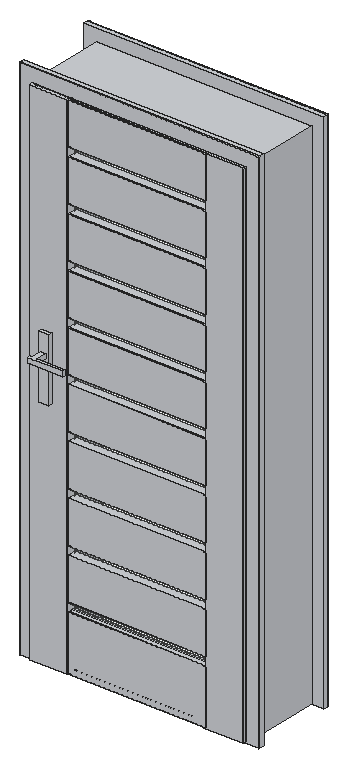
Revit family "porta_koncept_A9_osc_ps", category Drzwi, Revit 2016
Family settings
  Obiekt nadrzędny = Ściana
  Zawsze pionowo = Tak
  Tnij formami wycięć po wczytaniu = Nie
  Współdzielony = Nie
  Punkt obliczania pomieszczeń = Nie
Parameters (values of type "PN 80")
  Zakres szerokości muru [instance] = if(and(Grubość ściany > 94 mm, Grubość ściany < 120 mm), "B", (if(and(Grubość ściany > 119 mm, Grubość ściany < 140 mm), "C", (if(and(Grubość ściany > 139 mm, Grubość ściany < 160 mm), "D", (if(and(Grubość ściany > 159 mm, Grubość ściany < 180 mm), "E", (if(and(Grubość ściany > 179 mm, Grubość ściany < 200 mm), "F", (if(and(Grubość ściany > 199 mm, Grubość ściany < 220 mm), "G", (if(and(Grubość ściany > 219 mm, Grubość ściany < 240 mm), "H", (if(and(Grubość ściany > 239 mm, Grubość ściany < 260 mm), "I", (if(and(Grubość ściany > 259 mm, Grubość ściany < 280 mm), "J", (if(and(Grubość ściany > 279 mm, Grubość ściany < 301 mm), "K", "BRAK")))))))))))))))))))  # "K"
  Wysokość brutto = 2060 mm
  Szerokość brutto = 880 mm
  Model = "Koncept A9"
  Konstrukcja analityczna = "<Brak>"
  Grubość ściany [instance] = 300 mm
  Funkcja = Wewnętrzna
  URL = "www.porta.com.pl"
  Ss = 844 mm
  Sb = 846 mm
  Producent = "PORTA KMI POLAND"  # constant formula
  Keynote = ""
  Description = ""
  Wysokość = 2016 mm
  Zakończenie ściany = Wg obiektu nadrzędnego
  Szerokość = 800 mm
  Materiał_skrzydło [instance] = none
  Materiał_ościeżnica [instance] = none
  Materiał_klamka [instance] = none
  Informacja = "Własność Porta KMI Poland, wszelkie prawa zastrzeżone."  # constant formula
  Hs = 2030 mm
Types (6, lengths in mm): name | Szerokość brutto | Ss | Sb | Description | Szerokość
  PN 70 | 780 | 744 | 746 | "Biblioteki CAD produktów firmy PORTA KMI POLAND wraz z ich wizualizacjami są chronione prawami własności przemysłowej i intelektualnej. Można je wykorzystywać do handlowych celów osobistych poprzez zastosowanie w projektach, jednak nie wolno ich powielać, modyfikować, licencjonować ani publikować, w całości ani w części, chyba że celem przeglądania, bez uprzedniej pisemnej zgody PORTA KMI Poland. www.porta.com.pl" | 700
  PN 60 | 680 | 644 | 646 | "Biblioteki CAD produktów firmy PORTA KMI POLAND wraz z ich wizualizacjami są chronione prawami własności przemysłowej i intelektualnej. Można je wykorzystywać do handlowych celów osobistych poprzez zastosowanie w projektach, jednak nie wolno ich powielać, modyfikować, licencjonować ani publikować, w całości ani w części, chyba że celem przeglądania, bez uprzedniej pisemnej zgody PORTA KMI Poland. www.porta.com.pl" | 600
  PN 80 | 880 | 844 | 846 | "" | 800
  PN 90 | 980 | 944 | 946 | "Biblioteki CAD produktów firmy PORTA KMI POLAND wraz z ich wizualizacjami są chronione prawami własności przemysłowej i intelektualnej. Można je wykorzystywać do handlowych celów osobistych poprzez zastosowanie w projektach, jednak nie wolno ich powielać, modyfikować, licencjonować ani publikować, w całości ani w części, chyba że celem przeglądania, bez uprzedniej pisemnej zgody PORTA KMI Poland. www.porta.com.pl" | 900
  PN 100 | 1080 | 1044 | 1046 | "Biblioteki CAD produktów firmy PORTA KMI POLAND wraz z ich wizualizacjami są chronione prawami własności przemysłowej i intelektualnej. Można je wykorzystywać do handlowych celów osobistych poprzez zastosowanie w projektach, jednak nie wolno ich powielać, modyfikować, licencjonować ani publikować, w całości ani w części, chyba że celem przeglądania, bez uprzedniej pisemnej zgody PORTA KMI Poland. www.porta.com.pl" | 1000
  PN 110 | 1180 | 1144 | 1146 | "Biblioteki CAD produktów firmy PORTA KMI POLAND wraz z ich wizualizacjami są chronione prawami własności przemysłowej i intelektualnej. Można je wykorzystywać do handlowych celów osobistych poprzez zastosowanie w projektach, jednak nie wolno ich powielać, modyfikować, licencjonować ani publikować, w całości ani w części, chyba że celem przeglądania, bez uprzedniej pisemnej zgody PORTA KMI Poland. www.porta.com.pl" | 1100
Reference planes
  plane 1: y = 0
  plane 2 "Środek (Lewa/Prawa)": x = 0
  plane 3 "Lewy": x = -440
  plane 4 "Prawy": x = 440
  plane 5: z = 2060
  plane 6 "Zewnętrzna": y = 150
  plane 7 "Wewnętrzna": y = -150
  plane 8 "skrzydło": y = -144.5
Forms (mm)
  Sweep 1, solid, material <- "Materiał_ościeżnica"
    path in 3D
      loop
        line (-440, -150, 0) -> (-440, -150, 2060) -> (440, -150, 2060) -> (440, -150, 0)
    profile origin (-440, -150, 1030) x (0, -1, 0) y (1, 0, 0)
      loop
        line (-10, 39) -> (-72, 39) -> (-72, 17) -> (0, 17) -> (0, -33) -> (16, -33)
        arc (16, -33) -> (18.121, -32.121) -> (19, -30) r 3
        line (19, -30) -> (19, 24)
        arc (19, 24) -> (18.121, 26.121) -> (16, 27) r 3
        line (16, 27) -> (-10, 27) -> (-10, 39)
  Sweep 2, solid, material <- "Materiał_ościeżnica"
    path in 3D
      loop
        line (440, 150, 0) -> (440, 150, 2060) -> (-440, 150, 2060) -> (-440, 150, 0)
    profile origin (-440, 150, 1030) x (1, 0, 0) y (0, 1, 0)
      loop
        line (-33, 0) -> (17, 0) -> (17, -228) -> (39, -228) -> (39, -1)
        arc (39, -1) -> (37.536, 2.536) -> (34, 4) r 5
        line (34, 4) -> (25, 4) -> (25, 16)
        arc (25, 16) -> (24.121, 18.121) -> (22, 19) r 3
        line (22, 19) -> (-30, 19)
        arc (-30, 19) -> (-32.121, 18.121) -> (-33, 16) r 3
        line (-33, 16) -> (-33, 0)
  Sweep 3, solid, not visible
    path in 3D
      loop
        line (-440, -150, 0) -> (-440, -150, 2060)
    profile origin (-440, -150, 1030) x (0, -1, 0) y (1, 0, 0)
      loop
        line (-151, 17) -> (-149, 17) -> (-149, 19) -> (-151, 19) -> (-151, 17)
Cuts and joins
  joined: Sweep 1, Sweep 2
Lines and regions (mm)
  Opening 1
    outline origin (-3050, -150, 0) x (1, 0, 0) y (0, 0, 1)
      loop
        line (2610, 0) -> (3490, 0) -> (3490, 2060) -> (2610, 2060) -> (2610, 0)
  sketch lines
    curve 1: line (-440, -150, 0) -> (-440, -150, 2060)
    curve 2: line (-440, -150, 2060) -> (440, -150, 2060)
    curve 3: line (440, -150, 2060) -> (440, -150, 0)
    curve 4: line (-440, 150, 2060) -> (-440, 150, 0)
    curve 5: line (440, 150, 2060) -> (-440, 150, 2060)
    curve 6: line (440, 150, 0) -> (440, 150, 2060)
    curve 12: line (-440, -150, 0) -> (-440, -150, 2060)
  symbolic lines, style "DoorsPanelProjection"
    curve 7: line (422, -150, 0) -> (422, -994, 0)
    curve 8: line (422, -994, 0) -> (382, -994, 0)
    curve 9: line (382, -994, 0) -> (382, -150, 0)
    curve 10: line (382, -150, 0) -> (422, -150, 0)
  symbolic lines, style "Ugięcie rzutu"
    curve 11: arc (-422, -150, 0) -> (-174.798, -746.798, 0) -> (422, -994, 0) r 844
Text (mm)
  text "Zewnętrzna" at (-2295.016, 1099.543, 0), in view "Poziom odniesienia"
  text "Zewnętrzna" at (0, 1615.38, 3698.081), in view "Lewy"
  text "Zewnętrzna" at (0, 1036.032, 3874.932), in view "Prawy"
Dimensions and locks
  equal spacing: plane 3 "Lewy", plane 2 "Środek (Lewa/Prawa)", plane 4 "Prawy"
  "Szerokość brutto": plane 3 "Lewy" to plane 4 "Prawy"
  "Wysokość brutto": plane 5 to host wall
  host wall to plane 5 = 2060 mm  (x2)
  locked: plane 6 "Zewnętrzna" to host wall at 0
  locked: plane 7 "Wewnętrzna" to host wall
  "Sb": Sweep 1 to Sweep 1
  locked: Sweep 1 sketch curve to Sweep 1 sketch curve at 22
  Sweep 1 sketch curve to Sweep 1 sketch curve = 50 mm
  locked: Sweep 1 sketch curve to profile plane at 72
  locked: Sweep 2 sketch curve to Sweep 2 sketch curve at 50
  locked: Sweep 2 sketch curve to Sweep 2 sketch curve at 22
  locked: Sweep 2 sketch curve to plane 6 "Zewnętrzna" at 1
  locked: curve 9 to curve 7 at 40
  "Ss": curve 8 to curve 10
  equal spacing: curve 11, plane 2 "Środek (Lewa/Prawa)", curve 7
  locked: plane 7 "Wewnętrzna" to plane 8 "skrzydło" at 5.5
  locked: host wall to Sweep 3 sketch curve at 1
  locked: Sweep 3 sketch curve to host wall at 1
  locked: Sweep 3 sketch curve to plane 6 "Zewnętrzna" at 151
  locked: plane 7 "Wewnętrzna" to Sweep 3 sketch curve at 151
  equal spacing: nested 1, plane 2 "Środek (Lewa/Prawa)", nested 1
  locked: nested 1 to level at 8
  "Grubość ściany": host wall to host wall
  aligned and locked: plane 3 "Lewy" to Opening 1 sketch curve
  aligned and locked: plane 5 to Opening 1 sketch curve  (x2)
  aligned and locked: Opening 1 sketch curve to plane 4 "Prawy"
  aligned and locked: Opening 1 sketch curve to level
  aligned and locked: plane 1 to host wall
  aligned and locked: Sweep 1 to Sweep 2 sketch curve
  aligned and locked: plane 7 "Wewnętrzna" to curve 10
  aligned and locked: Sweep 3 sketch curve to cut or joined group of Sweep 1, Sweep 2
  aligned and locked: Sweep 2 sketch curve to cut or joined group of Sweep 1, Sweep 2
  aligned and locked: nested 1 to plane 8 "skrzydło"
Automatic sketch dimensions
  profile plane to Sweep 1 sketch curve = 10 mm
  Sweep 1 sketch curve to profile plane = 16 mm  (x2)
  Sweep 1 sketch curve to Sweep 1 sketch curve = 3 mm
  profile plane to Sweep 1 sketch curve = 17 mm
  Sweep 1 sketch curve to Sweep 1 sketch curve = 7 mm
  Sweep 1 sketch curve to profile plane = 0 mm
  Sweep 2 sketch curve to profile plane = 0 mm
  Sweep 2 sketch curve to profile plane = 16 mm
  Sweep 2 sketch curve to Sweep 2 sketch curve = 3 mm
  Sweep 2 sketch curve to Sweep 2 sketch curve = 5 mm
  Sweep 2 sketch curve to profile plane = 4 mm
  Sweep 2 sketch curve to Sweep 2 sketch curve = 8 mm
  curve 11 to host wall = 0 mm
  Sweep 3 sketch curve to Sweep 3 sketch curve = 2 mm
Nested families
  nested 1: "skrzydło" at (0, -151, 0), Materiał_klamka <- "Materiał_klamka", Materiał_skrzydło <- "Materiał_skrzydło", type "skrzydło"
    with Materiał_skrzydło none, Materiał_klamka none
Definition of nested family "skrzydło"
  Parameters
    Ss = 844 mm
    Materiał_skrzydło [instance] = none
    Materiał_klamka [instance] = none
    Hs = 2030 mm
  Reference planes
    plane 1 "Tył": y = 6.5
    plane 2: z = 0
    plane 3 "Środek (Lewa/Prawa)": x = 0
    plane 4 "Lewa": x = -422
    plane 5 "Prawa": x = 422
    plane 6 "Przód": y = -33.5
    plane 7: z = 2038
    plane 8 "Centrum": y = -13.5
    plane 9: x = -409
    plane 10: z = 8
    plane 11: x = 409
    plane 12: x = -272
    plane 13: x = 272
    plane 14: z = 2025
  Forms (mm)
    Extrusion 1, solid, material <- "Materiał_skrzydło"
      sketch origin (-1191.728, -1524, 8) x (-1, 0, 0) y (0, -1, 0)
        loop
          line (-1465.378, -1490.5) -> (-1612.078, -1490.5)
          arc (-1612.078, -1490.5) -> (-1613.244, -1490.983) -> (-1613.728, -1492.15) r 1.65
          line (-1613.728, -1492.15) -> (-1613.728, -1501.85)
          arc (-1613.728, -1501.85) -> (-1613.244, -1503.017) -> (-1612.078, -1503.5) r 1.65
          line (-1612.078, -1503.5) -> (-1602.078, -1503.5)
          arc (-1602.078, -1503.5) -> (-1601.123, -1503.895) -> (-1600.728, -1504.85) r 1.35
          line (-1600.728, -1504.85) -> (-1600.728, -1528.85)
          arc (-1600.728, -1528.85) -> (-1600.244, -1530.017) -> (-1599.078, -1530.5) r 1.65
          line (-1599.078, -1530.5) -> (-1465.378, -1530.5)
          arc (-1465.378, -1530.5) -> (-1464.211, -1530.017) -> (-1463.728, -1528.85) r 1.65
          line (-1463.728, -1528.85) -> (-1463.728, -1492.15)
          arc (-1463.728, -1492.15) -> (-1464.211, -1490.983) -> (-1465.378, -1490.5) r 1.65
      from 0 to 2030
    Extrusion 2, void
      sketch origin (0, 0, 0) x (0, -1, 0) y (0, 0, 1)
        loop
          line (-6.5, 2025) -> (20.5, 2025) -> (20.5, 2038) -> (-6.5, 2038) -> (-6.5, 2025)
      from -422 to 422
    Extrusion 3, solid, material <- "Materiał_skrzydło"
      sketch origin (0, 0, 0) x (0, 1, 0) y (0, 0, 1)
        loop
          line (4, 1869.65) -> (4, 2023.35)
          arc (4, 2023.35) -> (3.517, 2024.517) -> (2.35, 2025) r 1.65
          line (2.35, 2025) -> (-19.15, 2025)
          arc (-19.15, 2025) -> (-20.105, 2025.395) -> (-20.5, 2026.35) r 1.35
          line (-20.5, 2026.35) -> (-20.5, 2036.35)
          arc (-20.5, 2036.35) -> (-20.983, 2037.517) -> (-22.15, 2038) r 1.65
          line (-22.15, 2038) -> (-29.35, 2038)
          arc (-29.35, 2038) -> (-30.517, 2037.517) -> (-31, 2036.35) r 1.65
          line (-31, 2036.35) -> (-31, 1869.65)
          arc (-31, 1869.65) -> (-30.517, 1868.483) -> (-29.35, 1868) r 1.65
          line (-29.35, 1868) -> (2.35, 1868)
          arc (2.35, 1868) -> (3.517, 1868.483) -> (4, 1869.65) r 1.65
        loop
          line (2.35, 228) -> (-29.35, 228)
          arc (-29.35, 228) -> (-30.517, 227.517) -> (-31, 226.35) r 1.65
          line (-31, 226.35) -> (-31, 9.65)
          arc (-31, 9.65) -> (-30.517, 8.483) -> (-29.35, 8) r 1.65
          line (-29.35, 8) -> (-25, 8)
          arc (-25, 8) -> (-23.833, 8.483) -> (-23.35, 9.65) r 1.65
          arc (-23.35, 9.65) -> (-22.955, 10.605) -> (-22, 11) r 1.35
          line (-22, 11) -> (-5, 11)
          arc (-5, 11) -> (-4.045, 10.605) -> (-3.65, 9.65) r 1.35
          arc (-3.65, 9.65) -> (-3.167, 8.483) -> (-2, 8) r 1.65
          line (-2, 8) -> (2.35, 8)
          arc (2.35, 8) -> (3.517, 8.483) -> (4, 9.65) r 1.65
          line (4, 9.65) -> (4, 226.35)
          arc (4, 226.35) -> (3.517, 227.517) -> (2.35, 228) r 1.65
        loop
          line (2.35, 429.1) -> (-29.35, 429.1)
          arc (-29.35, 429.1) -> (-30.517, 428.617) -> (-31, 427.45) r 1.65
          line (-31, 427.45) -> (-31, 260.75)
          arc (-31, 260.75) -> (-30.517, 259.583) -> (-29.35, 259.1) r 1.65
          line (-29.35, 259.1) -> (2.35, 259.1)
          arc (2.35, 259.1) -> (3.517, 259.583) -> (4, 260.75) r 1.65
          line (4, 260.75) -> (4, 427.45)
          arc (4, 427.45) -> (3.517, 428.617) -> (2.35, 429.1) r 1.65
        loop
          line (2.35, 630.2) -> (-29.35, 630.2)
          arc (-29.35, 630.2) -> (-30.517, 629.717) -> (-31, 628.55) r 1.65
          line (-31, 628.55) -> (-31, 461.85)
          arc (-31, 461.85) -> (-30.517, 460.683) -> (-29.35, 460.2) r 1.65
          line (-29.35, 460.2) -> (2.35, 460.2)
          arc (2.35, 460.2) -> (3.517, 460.683) -> (4, 461.85) r 1.65
          line (4, 461.85) -> (4, 628.55)
          arc (4, 628.55) -> (3.517, 629.717) -> (2.35, 630.2) r 1.65
        loop
          line (2.35, 831.3) -> (-29.35, 831.3)
          arc (-29.35, 831.3) -> (-30.517, 830.817) -> (-31, 829.65) r 1.65
          line (-31, 829.65) -> (-31, 662.95)
          arc (-31, 662.95) -> (-30.517, 661.783) -> (-29.35, 661.3) r 1.65
          line (-29.35, 661.3) -> (2.35, 661.3)
          arc (2.35, 661.3) -> (3.517, 661.783) -> (4, 662.95) r 1.65
          line (4, 662.95) -> (4, 829.65)
          arc (4, 829.65) -> (3.517, 830.817) -> (2.35, 831.3) r 1.65
        loop
          line (2.35, 1032.4) -> (-29.35, 1032.4)
          arc (-29.35, 1032.4) -> (-30.517, 1031.917) -> (-31, 1030.75) r 1.65
          line (-31, 1030.75) -> (-31, 864.05)
          arc (-31, 864.05) -> (-30.517, 862.883) -> (-29.35, 862.4) r 1.65
          line (-29.35, 862.4) -> (2.35, 862.4)
          arc (2.35, 862.4) -> (3.517, 862.883) -> (4, 864.05) r 1.65
          line (4, 864.05) -> (4, 1030.75)
          arc (4, 1030.75) -> (3.517, 1031.917) -> (2.35, 1032.4) r 1.65
        loop
          line (2.35, 1233.5) -> (-29.35, 1233.5)
          arc (-29.35, 1233.5) -> (-30.517, 1233.017) -> (-31, 1231.85) r 1.65
          line (-31, 1231.85) -> (-31, 1065.15)
          arc (-31, 1065.15) -> (-30.517, 1063.983) -> (-29.35, 1063.5) r 1.65
          line (-29.35, 1063.5) -> (2.35, 1063.5)
          arc (2.35, 1063.5) -> (3.517, 1063.983) -> (4, 1065.15) r 1.65
          line (4, 1065.15) -> (4, 1231.85)
          arc (4, 1231.85) -> (3.517, 1233.017) -> (2.35, 1233.5) r 1.65
        loop
          line (2.35, 1434.6) -> (-29.35, 1434.6)
          arc (-29.35, 1434.6) -> (-30.517, 1434.117) -> (-31, 1432.95) r 1.65
          line (-31, 1432.95) -> (-31, 1266.25)
          arc (-31, 1266.25) -> (-30.517, 1265.083) -> (-29.35, 1264.6) r 1.65
          line (-29.35, 1264.6) -> (2.35, 1264.6)
          arc (2.35, 1264.6) -> (3.517, 1265.083) -> (4, 1266.25) r 1.65
          line (4, 1266.25) -> (4, 1432.95)
          arc (4, 1432.95) -> (3.517, 1434.117) -> (2.35, 1434.6) r 1.65
        loop
          line (2.35, 1635.7) -> (-29.35, 1635.7)
          arc (-29.35, 1635.7) -> (-30.517, 1635.217) -> (-31, 1634.05) r 1.65
          line (-31, 1634.05) -> (-31, 1467.35)
          arc (-31, 1467.35) -> (-30.517, 1466.183) -> (-29.35, 1465.7) r 1.65
          line (-29.35, 1465.7) -> (2.35, 1465.7)
          arc (2.35, 1465.7) -> (3.517, 1466.183) -> (4, 1467.35) r 1.65
          line (4, 1467.35) -> (4, 1634.05)
          arc (4, 1634.05) -> (3.517, 1635.217) -> (2.35, 1635.7) r 1.65
        loop
          line (2.35, 1836.8) -> (-29.35, 1836.8)
          arc (-29.35, 1836.8) -> (-30.517, 1836.317) -> (-31, 1835.15) r 1.65
          line (-31, 1835.15) -> (-31, 1668.45)
          arc (-31, 1668.45) -> (-30.517, 1667.283) -> (-29.35, 1666.8) r 1.65
          line (-29.35, 1666.8) -> (2.35, 1666.8)
          arc (2.35, 1666.8) -> (3.517, 1667.283) -> (4, 1668.45) r 1.65
          line (4, 1668.45) -> (4, 1835.15)
          arc (4, 1835.15) -> (3.517, 1836.317) -> (2.35, 1836.8) r 1.65
      from -272 to 272
    Extrusion 4, solid
      sketch origin (-892.016, -13.5, 1200) x (-1, 0, 0) y (0, 0, 1)
        loop
          line (-620.016, 668) -> (-1164.016, 668) -> (-1164.016, -972) -> (-620.016, -972) -> (-620.016, 668)
      from -2 to 2
    Extrusion 5, solid, material <- "Materiał_skrzydło"
      sketch origin (-1191.728, -1524, 8) x (-1, 0, 0) y (0, -1, 0)
        loop
          arc (-918.078, -1490.5) -> (-919.244, -1490.983) -> (-919.728, -1492.15) r 1.65
          line (-919.728, -1492.15) -> (-919.728, -1528.85)
          arc (-919.728, -1528.85) -> (-919.244, -1530.017) -> (-918.078, -1530.5) r 1.65
          line (-918.078, -1530.5) -> (-784.378, -1530.5)
          arc (-784.378, -1530.5) -> (-783.211, -1530.017) -> (-782.728, -1528.85) r 1.65
          line (-782.728, -1528.85) -> (-782.728, -1504.85)
          arc (-782.728, -1504.85) -> (-782.332, -1503.895) -> (-781.378, -1503.5) r 1.35
          line (-781.378, -1503.5) -> (-771.378, -1503.5)
          arc (-771.378, -1503.5) -> (-770.211, -1503.017) -> (-769.728, -1501.85) r 1.65
          line (-769.728, -1501.85) -> (-769.728, -1492.15)
          arc (-769.728, -1492.15) -> (-770.211, -1490.983) -> (-771.378, -1490.5) r 1.65
          line (-771.378, -1490.5) -> (-918.078, -1490.5)
      from 0 to 2030
  Cuts and joins
    Extrusion 2 cuts Extrusion 1
    Extrusion 2 cuts Extrusion 5
  Dimensions and locks
    equal spacing: plane 4 "Lewa", plane 3 "Środek (Lewa/Prawa)", plane 5 "Prawa"
    "Ss": plane 4 "Lewa" to plane 5 "Prawa"
    locked: plane 4 "Lewa" to plane 9 at 13
    locked: plane 10 to level at 8
    "Hs": plane 7 to plane 10
    locked: plane 5 "Prawa" to plane 11 at 13
    locked: plane 9 to nested 1 at 35
    locked: nested 1 to plane 10 at 934
    locked: plane 10 to nested 2 at 934
    equal spacing: plane 6 "Przód", plane 8 "Centrum", plane 1 "Tył"
    locked: plane 7 to plane 14 at 13
    locked: plane 12 to plane 4 "Lewa" at 150
    locked: plane 5 "Prawa" to plane 13 at 150
    locked: plane 1 "Tył" to Extrusion 2 sketch curve at 27
    aligned and locked: nested 1 to plane 6 "Przód"
    aligned and locked: plane 5 "Prawa" to Extrusion 1 sketch curve
    aligned and locked: Extrusion 1 sketch curve to plane 11
    aligned and locked: Extrusion 1 sketch curve to plane 1 "Tył"
    aligned and locked: Extrusion 1 sketch curve to plane 6 "Przód"
    aligned and locked: Extrusion 1 sketch curve to plane 13
    aligned and locked: plane 7 to Extrusion 1
    aligned and locked: Extrusion 2 sketch curve to plane 14
    aligned and locked: Extrusion 2 sketch curve to plane 1 "Tył"
    aligned and locked: plane 7 to Extrusion 2 sketch curve
    aligned and locked: Extrusion 2 to plane 4 "Lewa"
    aligned and locked: plane 5 "Prawa" to Extrusion 2
    aligned and locked: Extrusion 3 to plane 12
    aligned and locked: plane 13 to Extrusion 3
    aligned and locked: plane 12 to Extrusion 4 sketch curve
    aligned and locked: plane 13 to Extrusion 4 sketch curve
    aligned and locked: plane 4 "Lewa" to Extrusion 5 sketch curve
    aligned and locked: Extrusion 5 sketch curve to plane 12
    aligned and locked: plane 7 to Extrusion 5
    aligned and locked: nested 2 to nested 1
  Automatic sketch dimensions
    Extrusion 1 sketch curve to Extrusion 1 sketch curve = 1.65 mm  (x4)
    Extrusion 1 sketch curve to Extrusion 1 sketch curve = 1.35 mm
    Extrusion 1 sketch curve to Extrusion 1 sketch curve = 10 mm
    plane 1 "Tył" to Extrusion 1 sketch curve = 25.65 mm
    Extrusion 5 sketch curve to Extrusion 5 sketch curve = 1.65 mm  (x4)
    Extrusion 5 sketch curve to Extrusion 5 sketch curve = 1.35 mm
    Extrusion 5 sketch curve to Extrusion 5 sketch curve = 10 mm
    Extrusion 5 sketch curve to Extrusion 5 sketch curve = 0 mm
    plane 6 "Przód" to Extrusion 5 sketch curve = 40 mm
    Extrusion 5 sketch curve to Extrusion 5 sketch curve = 24 mm
    Extrusion 5 sketch curve to Extrusion 5 sketch curve = 9.7 mm
    Extrusion 3 sketch curve to plane 7 = 0 mm
    Extrusion 3 sketch curve to plane 10 = 0 mm  (x2)
    Extrusion 3 sketch curve to plane 14 = 0 mm
    plane 6 "Przód" to Extrusion 3 sketch curve = 2.5 mm  (x10)
    Extrusion 3 sketch curve to Extrusion 3 sketch curve = 1.65 mm  (x31)
    Extrusion 3 sketch curve to Extrusion 3 sketch curve = 4.35 mm
    Extrusion 3 sketch curve to Extrusion 3 sketch curve = 0 mm  (x2)
    Extrusion 3 sketch curve to Extrusion 3 sketch curve = 7.2 mm
    Extrusion 3 sketch curve to Extrusion 3 sketch curve = 1.35 mm
    plane 14 to Extrusion 3 sketch curve = 1.35 mm
    Extrusion 3 sketch curve to plane 8 "Centrum" = 7 mm
    plane 10 to Extrusion 3 sketch curve = 1.65 mm
    plane 8 "Centrum" to Extrusion 3 sketch curve = 8.5 mm
    plane 1 "Tył" to Extrusion 3 sketch curve = 4.15 mm  (x20)
    Extrusion 3 sketch curve to Extrusion 3 sketch curve = 215.35 mm
    Extrusion 3 sketch curve to Extrusion 3 sketch curve = 31.1 mm  (x8)
    Extrusion 3 sketch curve to Extrusion 3 sketch curve = 166.7 mm  (x8)
    Extrusion 3 sketch curve to Extrusion 3 sketch curve = 31.2 mm
    Extrusion 4 sketch curve to plane 14 = 1797 mm
    Extrusion 4 sketch curve to plane 14 = 157 mm
  Nested families
    nested 1: "KLAMKA" at (-354, -33.5, 1067), Materiał klamki <- "Materiał_klamka", type "KLAMKA"
      with Materiał klamki none
    nested 2: "KLAMKA" at (-354, 6.5, 1067), Materiał klamki <- "Materiał_klamka", type "KLAMKA"
      with Materiał klamki none
  Definition of nested family "KLAMKA"
    Parameters
      Materiał klamki [instance] = none
      Assembly Code = ""
      Default Elevation = 1219.2 mm
    Reference planes
      plane 1 "Center (Front/Back)": y = 0
      plane 2: z = 0
      plane 3 "Center (Left/Right)": x = 0
      plane 4: z = 125
      plane 5: z = -125
      plane 6: x = 20
      plane 7: x = -20
      plane 8: y = -70
      plane 9: y = -60
      plane 10: x = 10
      plane 11: x = -10
      plane 12: x = 120
      plane 13: z = 35
      plane 14: z = 55
      plane 15: y = -15
    Forms (mm)
      Extrusion 1, solid, material <- "Materiał klamki"
        sketch origin (0, 0, 0) x (1, 0, 0) y (0, 0, 1)
          loop
            line (-20, 125) -> (-20, -125) -> (20, -125) -> (20, 125) -> (-20, 125)
        from 0 to 15
      Extrusion 2, solid, material <- "Materiał klamki"
        sketch origin (0, 0, 0) x (1, 0, 0) y (0, 1, 0)
          loop
            line (-10, -15) -> (-10, -60) -> (-20, -60) -> (-20, -70) -> (120, -70) -> (120, -60) -> (10, -60) -> (10, -15) -> (-10, -15)
        from 35 to 55
    Dimensions and locks
      equal spacing: plane 4, plane 2, plane 5
      plane 4 to plane 5 = 250 mm
      equal spacing: plane 7, plane 3 "Center (Left/Right)", plane 6
      plane 7 to plane 6 = 40 mm
      plane 8 to plane 1 "Center (Front/Back)" = 70 mm
      plane 11 to plane 3 "Center (Left/Right)" to plane 10 = 10 mm locked, 10 mm locked
      plane 7 to plane 12 = 140 mm
      plane 15 to plane 1 "Center (Front/Back)" = 15 mm
      aligned and locked: plane 7 to Extrusion 1 sketch curve
      aligned and locked: Extrusion 1 sketch curve to plane 4
      aligned and locked: plane 5 to Extrusion 1 sketch curve
      aligned and locked: Extrusion 1 sketch curve to plane 6
      aligned and locked: plane 15 to Extrusion 1
      aligned and locked: Extrusion 1 to plane 1 "Center (Front/Back)"
      aligned and locked: plane 14 to Extrusion 2
      aligned and locked: Extrusion 2 to plane 13
    Automatic sketch dimensions
      Extrusion 2 sketch curve to plane 7 = 0 mm
      Extrusion 2 sketch curve to plane 9 = 0 mm  (x2)
      Extrusion 2 sketch curve to plane 11 = 0 mm
      Extrusion 2 sketch curve to plane 10 = 0 mm
      Extrusion 2 sketch curve to plane 12 = 0 mm
      Extrusion 2 sketch curve to plane 8 = 0 mm
      Extrusion 2 sketch curve to plane 15 = 0 mm
